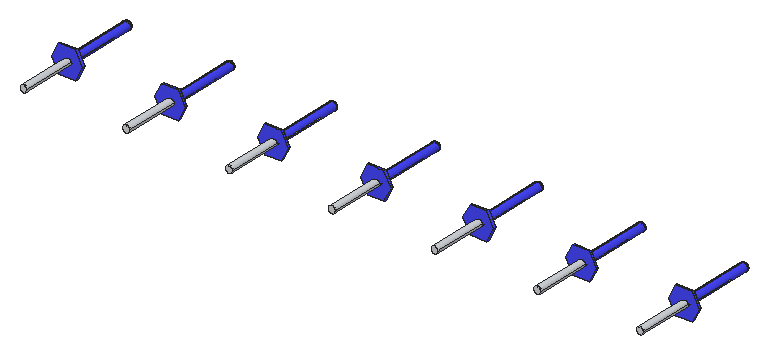
Revit family "Dorn LD - type - Kopi", category Generic Models, Revit 2019
Family settings
  Can host rebar = No
  Round Connector Dimension = Use Diameter
  Part Type = Normal
  Work Plane-Based = Yes
  Always vertical = No
  Cut with Voids When Loaded = No
  Shared = No
  Room Calculation Point = No
Parameters (values of type "20/320 A4")
  Website Link [instance] = "https://haucon.dk/produkt/dorn-ld/#variations"
  Total Width = 320 mm
  Total Length [instance] = 2440 mm
  Technical Data Sheet [instance] = "https://haucon.dk/wp-content/uploads/2018/02/TA-Dorn-LD-TI-DK.pdf"
  Metal = Stainless Steel A4
  Height Dowel [instance] = 0 mm
  Dowel count [instance] = (Total Length / Distance) - 1  # 7
  Distance from start [instance] = 300 mm
  Distance [instance] = 300 mm
  Diameter = 20 mm
  Default Elevation = 1219.2 mm
Reference planes
  plane 1 "Center (Front/Back)": y = 0
  plane 2: z = 0
  plane 3 "Center (Left/Right)": x = 0
  plane 4: x = 2440
  plane 5: x = 300
  plane 6: x = 600
  plane 7: x = 900
  plane 8: x = 1200
  plane 9: x = 1500
  plane 10: x = 1800
  plane 11: x = 2100
Dimensions and locks
  equal spacing: group 1, group 2, group 3, group 4, group 5, group 6, group 7  (x3)
  "Total Length": plane 3 "Center (Left/Right)" to plane 4
  "Distance from start": plane 3 "Center (Left/Right)" to plane 5
  "Distance": plane 5 to plane 6
  aligned and locked: level to plane 2
Nested families
  nested 1: "Family1" at (273.576, 0, 0), Diameter <- "Diameter", Height Dowel <- "Height Dowel", Total Width <- "Total Width", type "Family1"
    with Total Width 320 mm, Height Dowel 0 mm, Diameter 20 mm
  nested 2: "Family1" at (573.576, 0, 0), Diameter <- "Diameter", Height Dowel <- "Height Dowel", Total Width <- "Total Width", type "Family1"
    with Total Width 320 mm, Height Dowel 0 mm, Diameter 20 mm
  nested 3: "Family1" at (873.576, 0, 0), Diameter <- "Diameter", Height Dowel <- "Height Dowel", Total Width <- "Total Width", type "Family1"
    with Total Width 320 mm, Height Dowel 0 mm, Diameter 20 mm
  nested 4: "Family1" at (1173.576, 0, 0), Diameter <- "Diameter", Height Dowel <- "Height Dowel", Total Width <- "Total Width", type "Family1"
    with Total Width 320 mm, Height Dowel 0 mm, Diameter 20 mm
  nested 5: "Family1" at (1473.576, 0, 0), Diameter <- "Diameter", Height Dowel <- "Height Dowel", Total Width <- "Total Width", type "Family1"
    with Total Width 320 mm, Height Dowel 0 mm, Diameter 20 mm
  nested 6: "Family1" at (1773.576, 0, 0), Diameter <- "Diameter", Height Dowel <- "Height Dowel", Total Width <- "Total Width", type "Family1"
    with Total Width 320 mm, Height Dowel 0 mm, Diameter 20 mm
  nested 7: "Family1" at (2073.576, 0, 0), Diameter <- "Diameter", Height Dowel <- "Height Dowel", Total Width <- "Total Width", type "Family1"
    with Total Width 320 mm, Height Dowel 0 mm, Diameter 20 mm
  nested 8: "Glidehylse_LD_20_Part_P_p_i_t_4031216" at (300, 0, 0) x (0, 1, 0) z (0, 0, 1), type "LD20_Part_P"
    with Elevation Height 0 mm
  nested 9: "Glidehylse_LD_20_Part_P_p_i_t_4031216" at (600, 0, 0) x (0, 1, 0) z (0, 0, 1), type "LD20_Part_P"
    with Elevation Height 0 mm
  nested 10: "Glidehylse_LD_20_Part_P_p_i_t_4031216" at (900, 0, 0) x (0, 1, 0) z (0, 0, 1), type "LD20_Part_P"
    with Elevation Height 0 mm
  nested 11: "Glidehylse_LD_20_Part_P_p_i_t_4031216" at (1200, 0, 0) x (0, 1, 0) z (0, 0, 1), type "LD20_Part_P"
    with Elevation Height 0 mm
  nested 12: "Glidehylse_LD_20_Part_P_p_i_t_4031216" at (1500, 0, 0) x (0, 1, 0) z (0, 0, 1), type "LD20_Part_P"
    with Elevation Height 0 mm
  nested 13: "Glidehylse_LD_20_Part_P_p_i_t_4031216" at (1800, 0, 0) x (0, 1, 0) z (0, 0, 1), type "LD20_Part_P"
    with Elevation Height 0 mm
  nested 14: "Glidehylse_LD_20_Part_P_p_i_t_4031216" at (2100, 0, 0) x (0, 1, 0) z (0, 0, 1), type "LD20_Part_P"
    with Elevation Height 0 mm
Definition of nested family "Family1"
  Parameters (values of type "Family1")
    Total Width [instance] = 320 mm
    Height Dowel [instance] = 100 mm
    Diameter [instance] = 20 mm
    Default Elevation = 1219.2 mm
  Reference planes
    plane 1 "Center (Front/Back)": y = 0
    plane 2: z = 0
    plane 3 "Center (Left/Right)": x = 0
    plane 4: y = 160
    plane 5: y = -160
    plane 6: x = -140
    plane 7: x = 140
    plane 8 "Dowel Height": z = 100
  Forms (mm)
    Extrusion 1, solid
      sketch origin (8.617, 0, 0) x (1, 0, 0) y (0, 0, 1)
        loop
          circle (17.807, 100) r 10
      from -160 to 160
  Dimensions and locks
    plane 6 to plane 7 = 280 mm
    equal spacing: plane 6, plane 3 "Center (Left/Right)", plane 7
    equal spacing: plane 4, plane 1 "Center (Front/Back)", plane 5
    "Total Width": plane 4 to plane 5
    "Height Dowel": plane 8 "Dowel Height" to level
    "Diameter": diameter of Extrusion 1 sketch curve
    aligned and locked: level to plane 2
    aligned and locked: plane 8 "Dowel Height" to Extrusion 1
    aligned and locked: plane 4 to Extrusion 1
    aligned and locked: plane 5 to Extrusion 1
  Automatic sketch dimensions
    Extrusion 1 sketch curve to plane 8 "Dowel Height" = 0 mm
    plane 3 "Center (Left/Right)" to Extrusion 1 sketch curve = 26.424 mm
Definition of nested family "Glidehylse_LD_20_Part_P_p_i_t_4031216"
  Parameters (values of type "LD20_Part_P")
    Website Link = "https://haucon.dk/produkt/dorn-ld/#variations"
    Total Length = 220 mm
    Technical Data Sheet = "https://haucon.dk/wp-content/uploads/2018/02/TA-Dorn-LD-TI-DK.pdf"
    Sleeve Inner Diameter = 21 mm
    Plastic Black = none
    Plastic = none
    Hexagon Height = 5 mm
    Hexagon Diameter = 80 mm
    Elevation Height = 100 mm
    Default Elevation = 1219.2 mm
    Cap Height = 5 mm
  Types (3, lengths in mm): name | Total Length | Sleeve Inner Diameter
    (no name) | 220 | 21
    LD16_Part_P | 195 | 17
    LD20_Part_P | 220 | 21
  Reference planes
    plane 1 "Center (Front/Back)": y = 0
    plane 2: z = 0
    plane 3 "Center (Left/Right)": x = 0
    plane 4: x = 5
    plane 5: x = 215
    plane 6: x = 220
    plane 7: z = 100
    plane 8: z = 89.5
    plane 9: z = 110.5
    plane 10: through (0, 23.094, 142.714) normal (0, -0.8797, 0.4756)
    plane 11: through (0, -23.094, 142.714) normal (0, -0.8797, -0.4756)
  Forms (mm)
    Revolve 1, solid, material <- "Plastic"
      sketch origin (0, 0, 92.286) x (0, 0, -1) y (1, 0, 0)
        loop
          line (-19.714, 5) -> (-18.214, 5) -> (-18.214, 215) -> (-19.714, 215) -> (-19.714, 5)
        axis (-7.714, 215) -> (-7.714, 5)
      angle from 0 to 360
    Revolve 2, solid, material <- "Plastic Black"
      sketch origin (0, 0, 89.786) x (0, 0, -1) y (1, 0, 0)
        loop
          line (-22.214, 215) -> (-20.714, 215) -> (-20.714, 218.5) -> (-10.214, 218.5) -> (-10.214, 220) -> (-20.753, 220)
          arc (-20.753, 220) -> (-21.786, 219.572) -> (-22.214, 218.539) r 1.461
          line (-22.214, 218.539) -> (-22.214, 215)
        axis (-10.214, 220) -> (-10.214, 215)
      angle from 0 to 360
    Extrusion 3, solid, material <- "Plastic"
      sketch origin (0, 0, -50) x (0, 1, 0) y (0, 0, 1)
        loop
          line (44.91, 150) -> (24.313, 190) -> (-24.476, 190) -> (-45.073, 150) -> (-24.476, 110) -> (24.313, 110) -> (44.91, 150)
      from 0 to 5
  Dimensions and locks
    equal spacing: plane 9, plane 7, plane 8
    "Sleeve Inner Diameter": plane 9 to plane 8
    "Cap Height": plane 6 to plane 5
    "Hexagon Height": plane 4 to plane 3 "Center (Left/Right)"
    "Elevation Height": plane 7 to level
    "Total Length": plane 6 to plane 3 "Center (Left/Right)"
    locked: Extrusion 3 sketch curve to Extrusion 3 sketch curve at 80  (x3)
    aligned and locked: level to plane 2
    aligned and locked: Revolve 1 to plane 4
    aligned and locked: plane 9 to Revolve 1 sketch curve
    aligned and locked: plane 7 to Revolve 1 sketch curve
    aligned and locked: Revolve 2 sketch curve to plane 9
    aligned and locked: plane 7 to Revolve 2 sketch curve  (x2)
    aligned and locked: plane 5 to Revolve 2 sketch curve
    aligned and locked: Revolve 2 sketch curve to plane 6
    aligned and locked: Revolve 1 sketch curve to plane 5
    aligned and locked: Extrusion 3 to plane 7
  Automatic sketch dimensions
    Revolve 2 sketch curve to Revolve 2 sketch curve = 0.711 mm
    Revolve 2 sketch curve to Revolve 2 sketch curve = 0.039 mm  (x2)
    Revolve 2 sketch curve to Revolve 2 sketch curve = 1.739 mm
    Revolve 2 sketch curve to Revolve 2 sketch curve = 1.461 mm
    Revolve 1 sketch curve to plane 4 = 0 mm
    Revolve 1 sketch curve to Revolve 1 sketch curve = 1.5 mm
    Revolve 1 sketch curve to plane 5 = 15.148 mm
    Revolve 1 sketch curve to plane 5 = 0.148 mm
    plane 1 "Center (Front/Back)" to Extrusion 3 sketch curve = 24.476 mm  (x2)
    plane 7 to Extrusion 3 sketch curve = 0 mm
    Extrusion 3 sketch curve to plane 7 = 0 mm
    Extrusion 3 sketch curve to Extrusion 3 sketch curve = 20.597 mm
